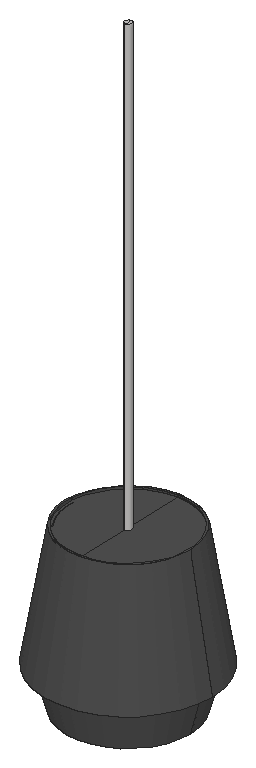
Revit family "Lighting_Pendants_Zero_Elements_XS_Pendant", category Lighting Fixtures, Revit 2020
Family settings
  Round Connector Dimension = Use Diameter
  Part Type = Normal
  OmniClass Number = 23.80.70.00
  OmniClass Title = Lighting
  Work Plane-Based = Yes
  Always vertical = Yes
  Cut with Voids When Loaded = No
  Light Source = Yes
  Shared = No
  Room Calculation Point = No
Parameters (values of type "Elements XS pendant LED 420LM/9W black")
  Youtube clip = ""
  Weight Net (Kg) = "1.6"
  Wattage = 2.82748 W
  WarrantyStartDate [instance] = "n/a"
  WarrantyGuarantorParts = "n/a"
  WarrantyGuarantorLabor = "n/a"
  WarrantyDurationUnit = "Hours"
  WarrantyDurationParts = "n/a"
  WarrantyDurationLabor = "n/a"
  WarrantyDescription = "n/a"
  built-in parameter 1150110 = 1 (stored number, unit not read)
  VersionDate = "31/08/2023"  # constant formula
  Version = "3"  # constant formula
  UsageCurrent = 0 A
  Uniformat II Description = ""
  Uniformat II Code = ""
  Uniclass2015Reference = "Pr_70_70_48_86"
  Uniclass2015Description = "Suspended luminaires"
  Uniclass2 = "Pr_70_70_49_86"
  Uniclass 2015 Name = ""
  Uniclass 2015 Code = ""
  Uniclass 2.0 Description = ""
  Uniclass 2.0 Code = ""
  Uniclass 1.4 Description = ""
  Uniclass 1.4 Code = ""
  URL = "https://www.zerolighting.com/elements-xs-inompe"
  UNSPSC Code = ""
  TotalWattage = 9 W
  built-in parameter 1114217 = 1 (stored number, unit not read)
  Tilt Angle = 90.00°
  built-in parameter 1150109 = 1 (stored number, unit not read)
  built-in parameter 1150134 = (empty or 0)
  Technical description = ""
  TagNumber [instance] = "n/a"
  SustainabilityPerformance = "n/a"
  built-in parameter 1150113 = 1 (stored number, unit not read)
  Size = "183x188x188 mm"
  Shape = "Sculptured"
  SerialNumber [instance] = "n/a"
  Revision = "5"  # constant formula
  ReplacementCost = "n/a"
  Region South America = "None"
  Region Oceania = "AU, NZ"
  Region North America = "BZ, CR, GT, HN, MX, NI, PA, SV, US"
  Region Middle East = "AE"
  Region Europe = "AD, AL, AT, AX, BA, BE, BG, BY, CH, CY, CZ, DE, DK, EE, ES, FI, FO, FR, GB, GG, GI, GR, HR, HU, IE, IM, IS, IT, JE, LI, LT, LU, LV, MC, MD, ME, MK, MT, NL, NO, PL, PT, RO, RS, RU, SE, SI, SJ, SK, SM, UA, VA"
  Region Asia = "HK, JP, SG"
  Region Antarctica = "None"
  Region Africa = "None"
  ProductInformation = "n/a"
  ProductDatasheet = "https://www.zerolighting.com/s/ElementsXS-pendel-h3h8.pdf"
  Product group = "Pendant"
  Product family = "Elements XS"
  Product certification = ""
  Product SKU = "Elements_XS_pendant"
  Product Guid = "b43d0974-c70b-4cd4-a717-7b387618c881"
  Photometric Web File = "ElementsXS8341-1.IES"
  PhaseReference = "n/a"
  PhaseAngle = 0.00°
  OmniClass Description = ""
  OmniClass Code = ""
  NumberOfSources = 0
  NumberOfPoles = 1
  NominalVoltageCalc = 230 V
  NominalVoltage = 230 V
  NominalRadius = 0 mm
  NominalFrequencyRange = 50 Hz
  NominalDiameter = 0 mm
  NominalDepth = 188 mm
  NominalCurrent = 0 A
  Nominal width = 188 mm
  Nominal height = 183 mm
  NBS Reference Description = ""
  NBS Reference Code = ""
  Material secondary = ""
  Material main = "Steel"
  Masterformat 2014 Description = ""
  Masterformat 2014 Code = ""
  Manufacturer name = "ZERO"
  Manufacturer country = "Sweden"
  LightFixtureSecondaryMaterial = Steel, Galvanized
  Installation instructions = ""
  IFC Classification = ""
  GTIN code = ""
  Edition number = 1
  Design country = "Sweden"
  Default Elevation [instance] = 1219.2 mm
  Date of publishing = ""
  CableLengthControl [instance] = if(CableLength < 200 mm, 200 mm, if(CableLength > 2500 mm, 2500 mm, CableLength))  # 500 mm
  Name = "Zero_Elements_XS_Pendant"  # constant formula
  NBSReference = "90-60-50/405"
  NBSDescription = "General purpose luminaires"
  ModelReference = "8341-1-06"
  ModelNumber = "n/a"
  Model = "Elements XS pendant LED 420LM/9W black"
  Material = "Metal & acrylic"
  ManufacturersSpecificInformation = "n/a"
  ManufacturerURL = "https://www.zerolighting.com/"
  ManufacturerName = "Zero"
  Manufacturer = "Zero"
  MaintenanceFactor = 0
  Lumens = 420 lm
  built-in parameter 1150115 = 1 (stored number, unit not read)
  built-in parameter 1150105 = 33.423 (stored number, unit not read)
  LightSource = "LED 420LM/9W"
  LightFixturePlacingType = "Ceiling"
  LightFixtureMountingType = "Suspended"
  LightFixtureMainMaterial = Black metal
  built-in parameter 1150137 = (empty or 0)
  built-in parameter 1150139 = (empty or 0)
  LensMaterial = Opal acrylics
  built-in parameter 1150112 = 1 (stored number, unit not read)
  built-in parameter 1150114 = 1 (stored number, unit not read)
  InsulationStandardClass = "n/a"
  InstallationDate [instance] = "n/a"
  built-in parameter 1150132 = 2
  built-in parameter 1150102 = (empty or 0)
  built-in parameter 1150138 = (empty or 0)
  built-in parameter 1150107 = 2700 (stored number, unit not read)
  built-in parameter 1150106 = 0.33423 (stored number, unit not read)
  IfcExportType = "NOTDEFINED"  # constant formula
  IfcExportAs = "IfcLightFixtureType"  # constant formula
  IP_Code = "IP20"
  HasProtectiveEarth = no
  Grade = "n/a"
  Finish = "Painted metal. White RAL 9010, black RAL 9005 or grey RAL 7030. Other colours on request. Matt diffuser."
  Features = "Terminal block 3x2.5 mm² in ceiling cup.Dimmable LED light source."
  ExpectedLife = "n/a"
  Emit from Circle Diameter = 180 mm
  Emit Shape Visible in Rendering = no
  ElectricalDeviceNominalPower = 0
  built-in parameter 1150104 = 13.8 (stored number, unit not read)
  DurationUnit = "Hours"
  DimmingType = "Dimmable LED lightsource"
  Dimming Lamp Color Temperature Shift = <None>
  Designer = "Note Design Studio"
  Description = ""
  DefaultElevation = 0 mm
  Constituents = "n/a"
  ColorTolerance = "SDCM 3"
  ColorRenderingIndex = ">80"
  Color Filter = 16777215
  Color = "Black"
  Collection = "Elements XS"
  CodePerformance = "n/a"
  Category = "Interior lighting"
  CableLength [instance] = 500 mm
  COBIe Type Category = ""
  Brand url = "http://www.zero.se"
  Brand = "Zero"
  Barcode [instance] = "n/a"
  built-in parameter 1114218 = 1 (stored number, unit not read)
  BIMObjectName = "Lighting_Pendants_Zero_Elements_XS_Pendant"  # constant formula
  Author = "BIMstone"  # constant formula
  built-in parameter 1150133 = 10 (stored number, unit not read)
  AssetType = "Fixed"
  AssetIdentifier [instance] = "n/a"
  ArticleNumber = "8341-1-06"
  AccessibilityPerformance = "n/a"
Types (3, lengths in mm): name | CableLengthControl | ModelReference | Model | LightFixtureMainMaterial | Color | CableLength | ArticleNumber
  Elements XS pendant LED 420LM/9W white | 200 | "8341-1-01" | "Elements XS pendant LED 420LM/9W white" | White metal | "White" | 200 | "8341-1-01"
  Elements XS pendant LED 420LM/9W grey | 200 | "8341-1-11" | "Elements XS pendant LED 420LM/9W grey" | Grey metal | "Grey" | 200 | "8341-1-11"
  Elements XS pendant LED 420LM/9W black | 500 | "8341-1-06" | "Elements XS pendant LED 420LM/9W black" | Black metal | "Black" | 500 | "8341-1-06"
Reference planes
  plane 1 "Light Source Axis (F/B)": y = 0
  plane 2: z = -4000
  plane 3 "Light Source Axis (L/R)": x = 0
  plane 4 "Ceiling": z = 0
  plane 5 "Light Source Elevation": z = -670
  plane 6: z = -500
  plane 7: y = 0
  plane 8: z = -683
  plane 9: y = 94
  plane 10: y = -94
  plane 11: x = -94
  plane 12: x = 94
  plane 13: z = -502.532
  plane 14: z = 0
Forms (mm)
  Revolve 1, solid, material "Steel, Galvanized", detail levels medium+fine
    sketch origin (0, 0, 0) x (0, 1, 0) y (0, 0, 1)
      loop
        line (0, -502.532) -> (4, -502.532) -> (4, 0) -> (0, 0) -> (0, -502.532)
      axis (0, -502.532) -> (0, 0)
    angle from 0 to 360
  Extrusion 2, solid, material "Black metal" <- "LightFixtureMainMaterial", detail levels coarse
    sketch origin (0, 0, 0) x (0, 1, 0) y (0, 0, 1)
      loop
        line (94, -683) -> (94, 0) -> (-94, 0) -> (-94, -683) -> (94, -683)
    from -94 to 94
Lines and regions (mm)
  symbolic lines, detail levels medium+fine
    curve 1: line (0, 4, -500) -> (0, 4, 0)
    curve 2: line (0, 4, 0) -> (0, -4, 0)
    curve 3: line (0, -4, 0) -> (0, -4, -500)
    curve 4: line (4, 0, -500) -> (4, 0, 0)
    curve 5: line (4, 0, 0) -> (-4, 0, 0)
    curve 6: line (-4, 0, 0) -> (-4, 0, -500)
Dimensions and locks
  "CableLengthControl": plane 6 to plane 4 "Ceiling"
  locked: plane 5 "Light Source Elevation" to plane 6 at 170
  "Nominal height": plane 6 to plane 8
  equal spacing: plane 11, plane 3 "Light Source Axis (L/R)", plane 12
  "Nominal width": plane 11 to plane 12
  equal spacing: plane 10, plane 1 "Light Source Axis (F/B)", plane 9
  "NominalDepth": plane 10 to plane 9
  locked: plane 6 to plane 13 at 2.532
  aligned and locked: plane 3 "Light Source Axis (L/R)" to imposter light
  aligned and locked: plane 1 "Light Source Axis (F/B)" to imposter light
  aligned and locked: plane 5 "Light Source Elevation" to imposter light
  aligned and locked: plane 4 "Ceiling" to Revolve 1 sketch curve
  aligned and locked: Extrusion 2 sketch curve to plane 8
  aligned and locked: Extrusion 2 sketch curve to plane 4 "Ceiling"
  aligned and locked: plane 11 to Extrusion 2
  aligned and locked: Extrusion 2 to plane 12
  aligned and locked: Revolve 1 to plane 13
  aligned and locked: plane 6 to nested 1  (x2)
  aligned and locked: curve 2 to Revolve 1
  aligned and locked: plane 4 "Ceiling" to curve 5
Automatic sketch dimensions
  Revolve 1 sketch curve to plane 1 "Light Source Axis (F/B)" = 0 mm  (x2)
  Revolve 1 sketch curve to Revolve 1 sketch curve = 4 mm
  Revolve 1 sketch curve to Revolve 1 sketch curve = 0 mm
  Revolve 1 sketch curve to plane 4 "Ceiling" = 5 mm
  Extrusion 2 sketch curve to plane 10 = 0 mm
  plane 9 to Extrusion 2 sketch curve = 0 mm
  Revolve 1 sketch curve to Revolve 1 sketch curve = 502.532 mm
  curve 3 to plane 6 = 0 mm
  curve 1 to plane 6 = 0 mm
  curve 2 to plane 1 "Light Source Axis (F/B)" = 4 mm
  plane 1 "Light Source Axis (F/B)" to curve 3 = 4 mm
  curve 6 to plane 6 = 0 mm
  curve 4 to plane 6 = 0 mm
  plane 3 "Light Source Axis (L/R)" to curve 5 = 4 mm
  curve 6 to plane 3 "Light Source Axis (L/R)" = 4 mm
Nested families
  nested 1: "ElementsXS" at (0, 0, -683), MainMaterial <- "LightFixtureMainMaterial", LensMaterial <- "LensMaterial", type "ElementsXS"
    with MainMaterial Black metal, LensMaterial Opal acrylics
Connectors
  electrical at (0, 0, -502.532), driven by "NominalVoltage"
    settings: on nested 1, index 1, voltage 230 V, apparent load 0 VA, apparent load phase1 0 VA, apparent load phase2 0 VA, apparent load phase3 0 VA, power factor 1, load classification "Other", number of poles 1, system type 31, power factor state 1, is connector primary yes, connector utility no, sub classification motor no, connector description ""
Definition of nested family "ElementsXS"
  Parameters (values of type "ElementsXS")
    LensMaterial [instance] = none
    MainMaterial [instance] = none
    Default Elevation = 0 mm
  Reference planes
    plane 1 "Center (Front/Back)": y = 0
    plane 2: z = 0
    plane 3 "Center (Left/Right)": x = 0
    plane 4: z = 183
    plane 5: x = -96
    plane 6: y = 94
    plane 7: y = -94
    plane 8: x = 96
    plane 9: z = 180.468
  Forms (mm)
    Blend 1, solid, material <- "MainMaterial", detail levels medium+fine
      base sketch origin (-3.227, -155.453, 89) x (0, -1, 0) y (1, 0, 0)
        loop
          circle (-155.453, 3.227) r 70
      top sketch origin (-3.227, -155.453, 89) x (0, -1, 0) y (1, 0, 0)
        loop
          circle (-155.453, 3.227) r 84.289
      from -89 to -38.589
    Blend 2, void
      base sketch origin (-3.227, -155.453, 89) x (0, -1, 0) y (1, 0, 0)
        loop
          circle (-155.453, 3.227) r 68.289
      top sketch origin (-3.227, -155.453, 89) x (0, -1, 0) y (1, 0, 0)
        loop
          circle (-155.453, 3.227) r 82.289
      from -89 to -38.589
    Blend 3, solid, material <- "MainMaterial", detail levels medium+fine
      base sketch origin (-3.227, -155.453, 89) x (0, -1, 0) y (1, 0, 0)
        loop
          circle (-155.453, 3.227) r 94
      top sketch origin (-3.227, -155.453, 89) x (0, -1, 0) y (1, 0, 0)
        loop
          circle (-155.453, 3.227) r 70
      from -43.86 to 94
    Extrusion 4, solid, material <- "LensMaterial", detail levels medium+fine
      sketch origin (-3.227, -155.5, 89) x (0, -1, 0) y (1, 0, 0)
        loop
          circle (-155.453, 3.227) r 71
      from -82.585 to -81.585
    Blend 5, void
      base sketch origin (0, -155.453, 89) x (0, -1, 0) y (1, 0, 0)
        loop
          circle (-155.453, 0) r 88
      top sketch origin (0, -155.453, 89) x (0, -1, 0) y (1, 0, 0)
        loop
          circle (-155.453, 0) r 66
      from -43.86 to 90.451
    Extrusion 6, solid, material <- "MainMaterial", detail levels medium+fine
      sketch origin (0, -155.953, 89) x (0, -1, 0) y (1, 0, 0)
        loop
          line (-238.554, -2) -> (-238.554, 2) -> (-243.93, 2)
          arc (-243.93, 2) -> (-243.953, 0) -> (-243.93, -2) r 88
          line (-243.93, -2) -> (-238.554, -2)
        loop
          line (-116.384, 72.534) -> (-112.92, 70.534) -> (-110.232, 75.191)
          arc (-110.232, 75.191) -> (-111.953, 76.21) -> (-113.696, 77.191) r 88
          line (-113.696, 77.191) -> (-116.384, 72.534)
        loop
          line (-112.92, -70.534) -> (-116.384, -72.534) -> (-113.696, -77.191)
          arc (-113.696, -77.191) -> (-111.953, -76.21) -> (-110.232, -75.191) r 88
          line (-110.232, -75.191) -> (-112.92, -70.534)
      from -41 to -33
    Revolve 7, void
      sketch origin (0, 0, 0) x (0, 1, 0) y (0, 0, 1)
        loop
          line (0, 180.468) -> (68.792, 180.468) -> (68.447, 183) -> (0, 183) -> (0, 180.468)
        axis (0, 183) -> (0, 180.468)
      angle from 0 to 360
  Cuts and joins
    Blend 2 cuts Blend 1
    Blend 5, Revolve 7 cuts Blend 3
    Blend 2 cuts Extrusion 6
    joined: Blend 1, Blend 3, Extrusion 6
  Lines and regions (mm)
    symbolic lines, detail levels medium+fine
      curve 1: line (0, 70, 0) -> (0, -70, 0)
      curve 2: line (0, -70, 0) -> (0, -82.818, 45.14)
      curve 3: line (0, -94, 45.14) -> (0, -82.818, 45.14)
      curve 4: line (0, -94, 45.14) -> (0, -70, 183)
      curve 5: line (0, 70, 0) -> (0, 82.818, 45.14)
      curve 6: line (0, 94, 45.14) -> (0, 82.818, 45.14)
      curve 7: line (0, 94, 45.14) -> (0, 70, 183)
      curve 9: line (-70, 0, 0) -> (-82.79, 0, 45.14)
      curve 10: line (-94, 0, 45.14) -> (-82.79, 0, 45.14)
      curve 11: line (-94, 0, 45.14) -> (-70, 0, 183)
      curve 12: line (70, 0, 0) -> (82.79, 0, 45.14)
      curve 13: line (94, 0, 45.14) -> (82.79, 0, 45.14)
      curve 14: line (94, 0, 45.14) -> (70, 0, 183)
      curve 15: line (-70, 0, 0) -> (70, 0, 0)
      curve 17: circle (0, 0, 0) r 94 normal (0, 0, 1)
      curve 22: line (0, 70, 183) -> (0, 4, 183)
      curve 23: line (0, -4, 183) -> (0, -70, 183)
      curve 26: line (-70, 0, 183) -> (-4, 0, 183)
      curve 27: line (4, 0, 183) -> (70, 0, 183)
    symbolic lines, detail levels fine
      curve 8: line (0, 82.818, 45.14) -> (0, -82.818, 45.14)
      curve 16: line (-82.79, 0, 45.14) -> (82.79, 0, 45.14)
      curve 18: circle (0, 0, 0) r 70 normal (0, 0, 1)
      curve 19: circle (0, 0, 0) r 68.289 normal (0, 0, 1)
      curve 20: line (0, 0, 183) -> (0, 4, 183)
      curve 21: line (0, 0, 183) -> (0, -4, 183)
      curve 24: line (0, 0, 183) -> (-4, 0, 183)
      curve 25: line (0, 0, 183) -> (4, 0, 183)
  Dimensions and locks
    plane 4 to level = 183 mm
    aligned and locked: level to plane 2
